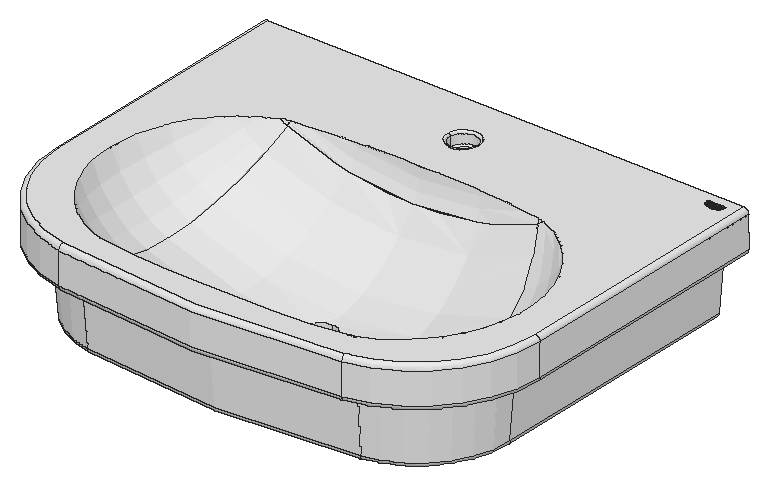
Revit family "PlumbingFixture_GroheLimited_EuroCeramicCounterTopBasin60_39337000_METRIC1", category Plumbing Fixtures, Revit 2015
Parameters (values of type "39337000")
  _DistributedBy = "www.bimstore.co.uk"
  _CurrentRevision = 0
  _CreatedBy = "www.bimstore.co.uk"
  _BimSpecGuid = 0
  _BSBibleVersion = 14
  _AuthorizedBy = "Kris Atkinson"
  _Author = "Ian Holmes"
  Waste Connection = yes
  WarrantyStartDate [instance] = "Please Record On Commissioning."
  WarrantyGuarantorParts = "info-uk@grohe.com"
  WarrantyGuarantorLabor = "info-uk@grohe.com"
  WarrantyDurationUnit = "Years"
  WarrantyDurationParts = "n/a"
  WarrantyDurationLabor = "n/a"
  WarrantyDescription = "n/a"
  WFU = 0
  Vent Connection = no
  URL = "www.grohe.com"
  TypeName = "Euro Ceramic countertop basin 60"
  Type Comments = "39337000"
  SpareParts = "n/a"
  Size = "n/a"
  Shape = "n/a"
  SerialNumber [instance] = "Please Record On Commissioning."
  ReplacementCost = "n/a"
  ReferencedStandard = "n/a"
  ProductionYear = "2017"
  ProductPageURL = "https://www.grohe.co.uk/en_gb/euro-ceramic-counter-top-basin-60-39337000.html"
  ProductDocumentationLink = "https://cdn.cloud.grohe.com/dimdraw/2000/2000/2090/2096/2096436/1500/2096436.jpg"
  PrimaryMaterial = Ceramic, White
  PercentageOfRecycledContent = "n/a"
  OffsetFromLevel [instance] = 800 mm
  NominalLength = 0 mm
  NominalHeight = 0 mm
  NominalDepth = 0 mm
  NBSReference = "45-35-70/340"
  NBSOfficeMasterTag = "n/a"
  NBSObjectName = "Grohe Limited -  Ceramic sinks"
  NBSNote = ""
  NBSDescription = "Ceramic sinks"
  ModelReference = "Euro Ceramic countertop basin 60"
  ModelNumber = "39337000"
  Model = "Euro Ceramic countertop basin 60"
  Material = "Ceramic"
  MasterformatTitle = "Sanitary Facilities"
  MasterformatNumber = "01 52 19"
  ManufacturerName = "Grohe Limited"
  Manufacturer = "Grohe Limited"
  LowEmittingMaterial = no
  LEEDCredit = "n/a"
  Keynote = "N13"
  InstallationDate [instance] = "Please Record On Commissioning."
  IndustryStandards = "n/a"
  IfcExportType = "IfcPipeFittingType"
  IfcExportAs = "IfcPipeFitting"
  HotWaterConnectionDiameter = 10 mm
  HWFU = 4.5
  HW Connection = no
  Grade = "2017"
  Finish = "Ceramic"
  Features = "Euro Ceramic  Countertop basin 60, Optional Proguard & HyperClean (00H), Fixation set  included, Vitreous china, Alpine White, 1 hole punched with overflow, 600 x 480 mm, 18 pcs per pallet"
  ExpectedLife = 0
  Ecojoy = no
  DurationUnit = "Years"
  DocumentationTechnical = "n/a"
  DocumentationMaintenance = "n/a"
  DocumentationLiterature = "n/a"
  DocumentationInstallationGuide = "n/a"
  DocumentationCertificates = "n/a"
  Description = "Euro Ceramic  Countertop basin 60, Optional Proguard & HyperClean (00H), Fixation set  included, Vitreous china, Alpine White, 1 hole punched with overflow, 600 x 480 mm, 18 pcs per pallet"
  CreatedOn = "2017-08-01T09:00:00"
  CreatedBy = "info-uk@grohe.com"
  Cost = 0
  Constituents = "n/a"
  Color = "White"
  ColdWaterConnectionDiameter = 10 mm
  CodePerformance = "n/a"
  ClassificationValue = "Pr_40_20_96_15"
  ClassificationName = "Uniclass2015"
  CWFU = 4.5
  CW Connection = no
  BarCode [instance] = "Please Record On Commissioning."
  BIMObjectName = "PlumbingFixture_GroheLimited_EuroCeramicCounterTopBasin60_39337000_METRIC"
  AssetType = "Fixed"
  AssetIdentifier [instance] = "Please Record On Commissioning."
  Assembly Code = "D2010"
  AccessibilityPerformance = "n/a"
  ADACompliant = no
Reference planes
  plane 1 "Center (Front/Back)": y = 0
  plane 2: z = 0
  plane 3 "Center (Left/Right)": x = 0
  plane 4: z = 852.5
  plane 5: z = 800
Dimensions and locks
  "OffsetFromLevel": plane 5 to plane 2
  locked: plane 4 to plane 5 at 52.5
  aligned and locked: level to plane 2
  aligned and locked: plane 4 to nested 1
  aligned and locked: plane 3 "Center (Left/Right)" to nested 1
  aligned and locked: plane 1 "Center (Front/Back)" to nested 1
Nested families
  nested 1: "39337000" at (0, 0, 852.5), type "39337000"
    with OffsetFromLevel 0 mm
Connectors
  piping at (0, -285.825, 719.428), diameter 40
    settings: on nested 1, index 1, connector inside diameter 609.6 mm, connector length 0 mm, flow factor 0, pipe flow 0.0 L/s, pressure drop 0.0 Pa, fitting loss kfactor 0, connector angle 0.00°, fixture units 0, engagement length 0 mm, angle of deflection 0.00°, flow configuration 0, flow direction 2, fitting loss method 0, system type 16, joint type 0, gender type 0, connector reference index -1, connector utility 0, adjustable connector no, is connector primary yes, connector description ""
Definition of nested family "39337000"
  Parameters (values of type "39337000")
    Waste Connection = yes
    WFU = 0
    Vent Connection = no
    URL = "www.grohe.com"
    Type Comments = "39337000"
    PrimaryMaterial = none
    OffsetFromLevel [instance] = 0 mm
    Model = "Euro Ceramic countertop basin 60"
    Manufacturer = "Grohe Limited"
    Keynote = "N13"
    HWFU = 4.5
    HW Connection = no
    Description = "Euro Ceramic  Countertop basin 60, Optional Proguard & HyperClean (00H), Fixation set  included, Vitreous china, Alpine White, 1 hole punched with overflow, 600 x 480 mm, 18 pcs per pallet"
    Cost = 0
    CWFU = 4.5
    CW Connection = no
    Assembly Code = "D2010"
  Reference planes
    plane 1 "Center (Front/Back)": y = 0
    plane 2: z = 0
    plane 3 "Center (Left/Right)": x = 0
    plane 4: y = -64.722
  Forms (mm)
    Sweep 1, solid, material <- "PrimaryMaterial"
      path in 3D
        loop
          line (-297.739, 0, 0) -> (-297.739, -319.724, 0)
          arc (-297.739, -319.724, 0) -> (-262.567, -416.236, 0) -> (-173.544, -467.488, 0) r 150
          arc (-173.544, -467.488, 0) -> (0, -482.528, 0) -> (173.544, -467.488, 0) r 1008.775
          arc (173.544, -467.488, 0) -> (262.567, -416.236, 0) -> (297.739, -319.724, 0) r 150
          line (297.739, -319.724, 0) -> (297.739, 0, 0)
      profile origin (-297.739, -159.862, 0) x (1, 0, 0) y (0, 0, 1)
        loop
          arc (6, 0) -> (1.757, -1.757) -> (0, -6) r 6
          line (0, -6) -> (0, -44.702)
          arc (0, -44.702) -> (1.432, -48.592) -> (5.045, -50.625) r 6
          line (5.045, -50.625) -> (25.496, -53.921)
          arc (25.496, -53.921) -> (28.936, -55.76) -> (30.519, -59.324) r 6
          line (30.519, -59.324) -> (36.466, -127.592)
          arc (36.466, -127.592) -> (38.389, -131.495) -> (42.444, -133.072) r 6
          line (42.444, -133.072) -> (140, -133.072) -> (140, 0) -> (6, 0)
    Extrusion 2, solid, material <- "PrimaryMaterial"
      sketch origin (0, 0, 0) x (1, 0, 0) y (0, 1, 0)
        loop
          arc (-149.459, -329.575) -> (0, -342.528) -> (149.459, -329.575) r 868.775
          arc (149.459, -329.575) -> (155.394, -326.158) -> (157.739, -319.724) r 10
          line (157.739, -319.724) -> (157.739, 0) -> (-157.739, 0) -> (-157.739, -319.724)
          arc (-157.739, -319.724) -> (-155.394, -326.158) -> (-149.459, -329.575) r 10
      from -133.072 to 0
    Revolve 3, solid, material <- "PrimaryMaterial"
      sketch origin (0, 0, 0) x (0, 1, 0) y (0, 0, 1)
        loop
          line (-224.901, -168.071) -> (-224.901, -133.072) -> (-264.834, -133.072) -> (-263.1, -166.175)
          arc (-263.1, -166.175) -> (-262.479, -167.521) -> (-261.102, -168.071) r 2
          line (-261.102, -168.071) -> (-224.901, -168.071)
        axis (-224.901, -133.072) -> (-224.901, -168.071)
      angle from 0 to 360
    Sweep 4, solid, material <- "PrimaryMaterial"
      path in 3D
        loop
          line (0, -224.901, -160.327) -> (0, -195.079, -160.327)
          arc (0, -195.079, -160.327) -> (0, -142.208, -144.133) -> (0, -107.473, -101.108) r 94.409
      profile origin (0, -195.079, -160.327) x (0, 0, 1) y (1, 0, 0)
        loop
          arc (0, -27) -> (2.343, -32.657) -> (8, -35) r 8
          line (8, -35) -> (41.15, -35) -> (41.15, 35) -> (8, 35)
          arc (8, 35) -> (2.343, 32.657) -> (0, 27) r 8
          line (0, 27) -> (0, -27)
    Revolve 5, void
      sketch origin (0, -64.722, -3.815) x (0, 0, -1) y (-1, 0, 0)
        loop
          arc (-3.815, -19.177) -> (-3.082, -17.409) -> (-1.315, -16.677) r 2.5
          line (-1.315, -16.677) -> (9.685, -16.677)
          arc (9.685, -16.677) -> (11.453, -15.945) -> (12.185, -14.177) r 2.5
          line (12.185, -14.177) -> (12.185, 0) -> (-3.815, 0) -> (-3.815, -19.177)
        axis (12.185, 0) -> (-3.815, 0)
      angle from 0 to 360
    Sweep 6, void
      path in 3D
        loop
          arc (-264.443, 0, 39.621) -> (-243.384, 0, -31.431) -> (-187.009, 0, -79.532) r 130.391
          arc (-187.009, 0, -79.532) -> (0, 0, -119.217) -> (187.009, 0, -79.532) r 460.461
          arc (187.009, 0, -79.532) -> (243.384, 0, -31.431) -> (264.443, 0, 39.621) r 130.391
      profile origin (0, 0, -119.217) x (0, 0, 1) y (0, -1, 0)
        loop
          arc (82.315, 142.409) -> (101.515, 133.779) -> (122.358, 130.825) r 75
          line (122.358, 130.825) -> (122.358, 440.825)
          arc (122.358, 440.825) -> (101.515, 437.87) -> (82.315, 429.241) r 75
          arc (82.315, 429.241) -> (3.259, 285.825) -> (82.315, 142.409) r 169.614
    Revolve 7, void
      sketch origin (0, 0, 0) x (0, 1, 0) y (0, 0, 1)
        loop
          line (-265.825, -141.244) -> (-265.825, -108.072) -> (-285.825, -108.072) -> (-285.825, -143.744) -> (-268.325, -143.744)
          arc (-268.325, -143.744) -> (-266.557, -143.011) -> (-265.825, -141.244) r 2.5
        axis (-285.825, -143.744) -> (-285.825, -108.072)
      angle from 0 to 360
    Extrusion 8, void
      sketch origin (342.604, -99.311, -149) x (0, 1, 0) y (-1, 0, 0)
        loop
          spline (87.555, 81.289) -> (87.887, 82.628) -> (87.745, 83.695) -> (87.295, 84.469) -> (86.699, 84.932) -> (86.051, 85.104) -> (85.409, 85.033) -> (84.827, 84.764) -> (84.353, 84.331) -> (84.021, 83.74) -> (83.863, 82.996) -> (83.936, 82.119) -> (84.344, 81.161)
          line (84.344, 81.161) -> (85.87, 81.161) -> (85.87, 82.167) -> (84.746, 82.167)
          spline (84.746, 82.167) -> (84.504, 82.743) -> (84.528, 83.242) -> (84.755, 83.645) -> (85.125, 83.934) -> (85.576, 84.093) -> (86.047, 84.102) -> (86.482, 83.954) -> (86.841, 83.659) -> (87.086, 83.231) -> (87.178, 82.684) -> (87.081, 82.032) -> (86.755, 81.289)
          line (86.755, 81.289) -> (87.555, 81.289)
        loop
          line (83.951, 80.338) -> (83.951, 79.329) -> (87.024, 79.329)
          spline (87.024, 79.329) -> (87.029, 79.038) -> (87.035, 78.793) -> (87.026, 78.589) -> (86.985, 78.42) -> (86.897, 78.281) -> (86.748, 78.169) -> (86.552, 78.097) -> (86.337, 78.089) -> (86.129, 78.171) -> (85.958, 78.365) -> (85.851, 78.696) -> (85.837, 79.188)
          line (85.837, 79.188) -> (83.951, 77.819) -> (83.951, 76.51) -> (85.511, 77.819)
          arc (85.511, 77.819) -> (86.802, 77.083) -> (87.755, 78.223) r 1.158
          line (87.755, 78.223) -> (87.755, 80.338) -> (83.951, 80.338)
        loop
          spline (83.801, 74.144) -> (83.871, 73.536) -> (84.074, 72.97) -> (84.398, 72.483) -> (84.819, 72.11) -> (85.311, 71.875) -> (85.838, 71.795) -> (86.365, 71.875) -> (86.856, 72.11) -> (87.278, 72.483) -> (87.601, 72.97) -> (87.805, 73.536) -> (87.874, 74.144)
          spline (87.874, 74.144) -> (87.805, 74.752) -> (87.601, 75.319) -> (87.278, 75.805) -> (86.856, 76.179) -> (86.365, 76.413) -> (85.838, 76.493) -> (85.311, 76.413) -> (84.819, 76.179) -> (84.398, 75.805) -> (84.074, 75.319) -> (83.871, 74.752) -> (83.801, 74.144)
        loop
          spline (84.492, 74.144) -> (84.538, 73.81) -> (84.673, 73.498) -> (84.886, 73.23) -> (85.165, 73.025) -> (85.489, 72.896) -> (85.838, 72.851) -> (86.186, 72.896) -> (86.51, 73.025) -> (86.789, 73.23) -> (87.003, 73.498) -> (87.137, 73.81) -> (87.183, 74.144)
          spline (87.183, 74.144) -> (87.137, 74.479) -> (87.003, 74.791) -> (86.789, 75.059) -> (86.51, 75.264) -> (86.186, 75.393) -> (85.838, 75.437) -> (85.489, 75.393) -> (85.165, 75.264) -> (84.886, 75.059) -> (84.673, 74.791) -> (84.538, 74.479) -> (84.492, 74.144)
        loop
          line (83.95, 71.102) -> (83.95, 70.1) -> (85.811, 70.1) -> (85.811, 68.368) -> (83.95, 68.368) -> (83.95, 67.366) -> (87.982, 67.366) -> (87.982, 68.368) -> (86.592, 68.368) -> (86.592, 70.1) -> (87.982, 70.1) -> (87.982, 71.102) -> (83.95, 71.102)
        loop
          line (83.95, 66.313) -> (83.95, 63.467) -> (84.782, 63.467) -> (84.782, 65.311) -> (85.582, 65.311) -> (85.582, 63.967) -> (86.382, 63.967) -> (86.382, 65.311) -> (87.182, 65.311) -> (87.182, 63.682) -> (87.982, 63.682) -> (87.982, 66.313) -> (83.95, 66.313)
        loop
          arc (82.595, 81.499) -> (82.17, 82.773) -> (82.083, 84.113) r 5.216
          line (82.083, 84.113) -> (81.375, 83.598)
          arc (81.375, 83.598) -> (81.543, 82.365) -> (81.965, 81.194) r 5.916
          arc (81.965, 81.194) -> (82.476, 78.968) -> (81.965, 76.743) r 5.1
          arc (81.965, 76.743) -> (81.372, 74.162) -> (81.965, 71.581) r 5.916
          arc (81.965, 71.581) -> (82.476, 69.355) -> (81.965, 67.13) r 5.1
          arc (81.965, 67.13) -> (81.543, 65.959) -> (81.375, 64.726) r 5.916
          line (81.375, 64.726) -> (82.083, 64.211)
          arc (82.083, 64.211) -> (82.17, 65.551) -> (82.595, 66.824) r 5.216
          arc (82.595, 66.824) -> (83.176, 69.355) -> (82.595, 71.886) r 5.8
          arc (82.595, 71.886) -> (82.072, 74.162) -> (82.595, 76.438) r 5.216
          arc (82.595, 76.438) -> (83.176, 78.968) -> (82.595, 81.499) r 5.8
        loop
          arc (81.095, 66.824) -> (81.676, 69.355) -> (81.095, 71.886) r 5.8
          arc (81.095, 71.886) -> (80.572, 74.162) -> (81.095, 76.438) r 5.216
          arc (81.095, 76.438) -> (81.676, 78.968) -> (81.095, 81.499) r 5.8
          arc (81.095, 81.499) -> (80.853, 82.087) -> (80.684, 82.7) r 5.216
          line (80.684, 82.7) -> (80.154, 81.971)
          arc (80.154, 81.971) -> (80.296, 81.577) -> (80.465, 81.194) r 5.916
          arc (80.465, 81.194) -> (80.976, 78.968) -> (80.465, 76.743) r 5.1
          arc (80.465, 76.743) -> (79.872, 74.162) -> (80.465, 71.581) r 5.916
          arc (80.465, 71.581) -> (80.976, 69.355) -> (80.465, 67.13) r 5.1
          arc (80.465, 67.13) -> (80.296, 66.747) -> (80.154, 66.353) r 5.916
          line (80.154, 66.353) -> (80.684, 65.624)
          arc (80.684, 65.624) -> (80.853, 66.237) -> (81.095, 66.824) r 5.216
        loop
          line (79.776, 81.084) -> (79.321, 80.217)
          arc (79.321, 80.217) -> (79.45, 78.449) -> (78.965, 76.743) r 5.1
          arc (78.965, 76.743) -> (78.372, 74.162) -> (78.965, 71.581) r 5.916
          arc (78.965, 71.581) -> (79.45, 69.875) -> (79.321, 68.107) r 5.1
          line (79.321, 68.107) -> (79.776, 67.239)
          arc (79.776, 67.239) -> (80.172, 69.582) -> (79.595, 71.886) r 5.8
          arc (79.595, 71.886) -> (79.072, 74.162) -> (79.595, 76.438) r 5.216
          arc (79.595, 76.438) -> (80.172, 78.742) -> (79.776, 81.084) r 5.8
      from 146.798 to 149
    Extrusion 9, solid
      sketch origin (76.379, 6.56, -149) x (1, 0, 0) y (0, 1, 0)
        loop
          spline (184.936, -18.315) -> (183.597, -17.984) -> (182.53, -18.126) -> (181.756, -18.575) -> (181.293, -19.172) -> (181.121, -19.819) -> (181.192, -20.461) -> (181.461, -21.043) -> (181.894, -21.517) -> (182.485, -21.849) -> (183.229, -22.007) -> (184.106, -21.934) -> (185.064, -21.526)
          line (185.064, -21.526) -> (185.064, -20) -> (184.058, -20) -> (184.058, -21.124)
          spline (184.058, -21.124) -> (183.482, -21.366) -> (182.983, -21.343) -> (182.58, -21.115) -> (182.29, -20.745) -> (182.132, -20.294) -> (182.123, -19.824) -> (182.271, -19.389) -> (182.566, -19.03) -> (182.994, -18.785) -> (183.541, -18.692) -> (184.193, -18.789) -> (184.936, -19.115)
          line (184.936, -19.115) -> (184.936, -18.315)
        loop
          line (185.887, -21.919) -> (186.896, -21.919) -> (186.896, -18.847)
          spline (186.896, -18.847) -> (187.187, -18.841) -> (187.432, -18.835) -> (187.636, -18.845) -> (187.805, -18.886) -> (187.943, -18.974) -> (188.056, -19.122) -> (188.128, -19.318) -> (188.135, -19.534) -> (188.054, -19.741) -> (187.86, -19.912) -> (187.529, -20.019) -> (187.037, -20.034)
          line (187.037, -20.034) -> (188.406, -21.919) -> (189.715, -21.919) -> (188.406, -20.359)
          arc (188.406, -20.359) -> (189.142, -19.069) -> (188.002, -18.116) r 1.158
          line (188.002, -18.116) -> (185.887, -18.116) -> (185.887, -21.919)
        loop
          spline (192.081, -22.069) -> (192.689, -22) -> (193.255, -21.796) -> (193.742, -21.473) -> (194.115, -21.051) -> (194.35, -20.56) -> (194.43, -20.033) -> (194.35, -19.506) -> (194.115, -19.014) -> (193.742, -18.593) -> (193.255, -18.269) -> (192.689, -18.066) -> (192.081, -17.996)
          spline (192.081, -17.996) -> (191.473, -18.066) -> (190.906, -18.269) -> (190.42, -18.593) -> (190.046, -19.014) -> (189.812, -19.506) -> (189.732, -20.033) -> (189.812, -20.56) -> (190.046, -21.051) -> (190.42, -21.473) -> (190.906, -21.796) -> (191.473, -22) -> (192.081, -22.069)
        loop
          spline (192.081, -21.378) -> (192.415, -21.332) -> (192.727, -21.198) -> (192.995, -20.984) -> (193.2, -20.705) -> (193.329, -20.381) -> (193.374, -20.033) -> (193.329, -19.684) -> (193.2, -19.36) -> (192.995, -19.081) -> (192.727, -18.868) -> (192.415, -18.733) -> (192.081, -18.687)
          spline (192.081, -18.687) -> (191.746, -18.733) -> (191.434, -18.868) -> (191.166, -19.081) -> (190.961, -19.36) -> (190.832, -19.684) -> (190.788, -20.033) -> (190.832, -20.381) -> (190.961, -20.705) -> (191.166, -20.984) -> (191.434, -21.198) -> (191.746, -21.332) -> (192.081, -21.378)
        loop
          line (195.123, -21.92) -> (196.125, -21.92) -> (196.125, -20.059) -> (197.857, -20.059) -> (197.857, -21.92) -> (198.859, -21.92) -> (198.859, -17.888) -> (197.857, -17.888) -> (197.857, -19.278) -> (196.125, -19.278) -> (196.125, -17.888) -> (195.123, -17.888) -> (195.123, -21.92)
        loop
          line (199.912, -21.92) -> (202.757, -21.92) -> (202.757, -21.088) -> (200.914, -21.088) -> (200.914, -20.288) -> (202.258, -20.288) -> (202.258, -19.488) -> (200.914, -19.488) -> (200.914, -18.688) -> (202.543, -18.688) -> (202.543, -17.888) -> (199.912, -17.888) -> (199.912, -21.92)
        loop
          arc (184.726, -23.275) -> (183.452, -23.701) -> (182.112, -23.787) r 5.216
          line (182.112, -23.787) -> (182.627, -24.495)
          arc (182.627, -24.495) -> (183.86, -24.328) -> (185.031, -23.905) r 5.916
          arc (185.031, -23.905) -> (187.256, -23.394) -> (189.482, -23.905) r 5.1
          arc (189.482, -23.905) -> (192.063, -24.498) -> (194.644, -23.905) r 5.916
          arc (194.644, -23.905) -> (196.87, -23.394) -> (199.095, -23.905) r 5.1
          arc (199.095, -23.905) -> (200.266, -24.328) -> (201.499, -24.495) r 5.916
          line (201.499, -24.495) -> (202.014, -23.787)
          arc (202.014, -23.787) -> (200.674, -23.701) -> (199.4, -23.275) r 5.216
          arc (199.4, -23.275) -> (196.87, -22.694) -> (194.339, -23.275) r 5.8
          arc (194.339, -23.275) -> (192.063, -23.798) -> (189.787, -23.275) r 5.216
          arc (189.787, -23.275) -> (187.256, -22.694) -> (184.726, -23.275) r 5.8
        loop
          arc (199.4, -24.775) -> (196.87, -24.194) -> (194.339, -24.775) r 5.8
          arc (194.339, -24.775) -> (192.063, -25.298) -> (189.787, -24.775) r 5.216
          arc (189.787, -24.775) -> (187.256, -24.194) -> (184.726, -24.775) r 5.8
          arc (184.726, -24.775) -> (184.138, -25.017) -> (183.525, -25.186) r 5.216
          line (183.525, -25.186) -> (184.254, -25.716)
          arc (184.254, -25.716) -> (184.648, -25.574) -> (185.031, -25.405) r 5.916
          arc (185.031, -25.405) -> (187.256, -24.894) -> (189.482, -25.405) r 5.1
          arc (189.482, -25.405) -> (192.063, -25.998) -> (194.644, -25.405) r 5.916
          arc (194.644, -25.405) -> (196.87, -24.894) -> (199.095, -25.405) r 5.1
          arc (199.095, -25.405) -> (199.478, -25.574) -> (199.872, -25.716) r 5.916
          line (199.872, -25.716) -> (200.601, -25.186)
          arc (200.601, -25.186) -> (199.988, -25.017) -> (199.4, -24.775) r 5.216
        loop
          line (185.14, -26.094) -> (186.008, -26.549)
          arc (186.008, -26.549) -> (187.776, -26.421) -> (189.482, -26.905) r 5.1
          arc (189.482, -26.905) -> (192.063, -27.498) -> (194.644, -26.905) r 5.916
          arc (194.644, -26.905) -> (196.35, -26.421) -> (198.118, -26.549) r 5.1
          line (198.118, -26.549) -> (198.986, -26.094)
          arc (198.986, -26.094) -> (196.643, -25.699) -> (194.339, -26.275) r 5.8
          arc (194.339, -26.275) -> (192.063, -26.798) -> (189.787, -26.275) r 5.216
          arc (189.787, -26.275) -> (187.483, -25.699) -> (185.14, -26.094) r 5.8
      from 149 to 146.798
  Cuts and joins
    Sweep 6, Revolve 7, Extrusion 8 cuts Sweep 1
    Revolve 5, Sweep 6, Revolve 7, Extrusion 8 cuts Extrusion 2
    Revolve 7, Extrusion 8 cuts Revolve 3
    Revolve 7, Extrusion 8 cuts Sweep 4
    joined: Sweep 1, Extrusion 2, Revolve 3, Sweep 4
  Lines and regions (mm)
    sketch lines
      curve 1: line (-297.739, 0, 0) -> (-297.739, -319.724, 0)
      curve 2: arc (-297.739, -319.724, 0) -> (-262.567, -416.236, 0) -> (-173.544, -467.488, 0) r 150
      curve 3: arc (-173.544, -467.488, 0) -> (0, -482.528, 0) -> (173.544, -467.488, 0) r 1008.775
      curve 4: arc (173.544, -467.488, 0) -> (262.567, -416.236, 0) -> (297.739, -319.724, 0) r 150
      curve 5: line (297.739, 0, 0) -> (297.739, -319.724, 0)
      curve 6: arc (0, -195.079, -160.327) -> (0, -142.208, -144.133) -> (0, -107.473, -101.108) r 94.409
      curve 7: line (0, -195.079, -160.327) -> (0, -224.901, -160.327)
      curve 8: arc (-187.009, 0, -79.532) -> (0, 0, -119.217) -> (187.009, 0, -79.532) r 460.461
      curve 9: arc (-264.443, 0, 39.621) -> (-243.384, 0, -31.431) -> (-187.009, 0, -79.532) r 130.391
      curve 10: arc (187.009, 0, -79.532) -> (243.384, 0, -31.431) -> (264.443, 0, 39.621) r 130.391
  Dimensions and locks
    aligned and locked: level to plane 2
